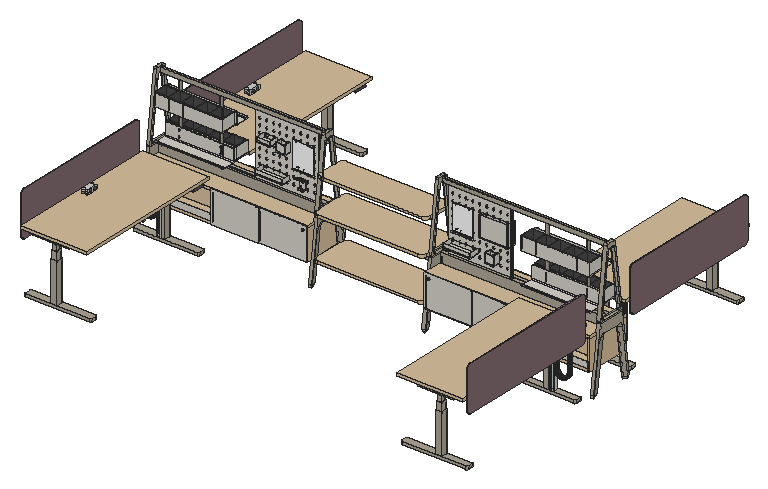
Revit family "Layout-Teknion-Expansion_Cityline_Upper_Structure_01-R2021", category Furniture Systems, Revit 2021 (continued)
Definition of nested family "Electrical-Teknion-JNHEA_Vertical_Wire_Carrier-R2021"
  Dimensions and locks (in)
    aligned and locked: curve 376 to cut or joined group 1 (Sweep 4, Sweep 5, Sweep 6, Sweep 10, Sweep 11, Sweep 12, Sweep 13, Sweep 14, Sweep 15, Sweep 16, Sweep 17, Sweep 18, Sweep 19, Sweep 20, Sweep 21, Sweep 22, Sweep 23, Sweep 24)
    aligned and locked: curve 381 to cut or joined group 1
    aligned and locked: curve 384 to cut or joined group 1
    aligned and locked: curve 389 to cut or joined group 1
    aligned and locked: curve 391 to cut or joined group 1
    aligned and locked: curve 394 to cut or joined group 1
    aligned and locked: curve 397 to cut or joined group 1
    aligned and locked: curve 399 to cut or joined group 1
    aligned and locked: curve 402 to cut or joined group 1
    aligned and locked: curve 406 to cut or joined group 1
    aligned and locked: curve 407 to cut or joined group 1
    aligned and locked: curve 410 to cut or joined group 1
    aligned and locked: curve 413 to cut or joined group 1
    aligned and locked: curve 419 to cut or joined group 1
    aligned and locked: curve 420 to cut or joined group 1
    aligned and locked: curve 424 to cut or joined group of Sweep 7, Sweep 8
    aligned and locked: curve 425 to cut or joined group of Sweep 7, Sweep 8
    aligned and locked: curve 426 to cut or joined group of Sweep 7, Sweep 8
    aligned and locked: curve 428 to cut or joined group of Sweep 7, Sweep 8
    aligned and locked: curve 429 to cut or joined group of Sweep 7, Sweep 8
    aligned and locked: curve 430 to cut or joined group 1
    aligned and locked: curve 431 to cut or joined group 1
    aligned and locked: curve 434 to cut or joined group of Sweep 7, Sweep 8
    aligned and locked: curve 435 to cut or joined group of Sweep 7, Sweep 8
    aligned and locked: curve 436 to cut or joined group 1
    aligned and locked: curve 437 to cut or joined group 1
    aligned and locked: curve 440 to cut or joined group of Sweep 7, Sweep 8
    aligned and locked: curve 441 to cut or joined group of Sweep 7, Sweep 8
    aligned and locked: curve 442 to cut or joined group of Sweep 7, Sweep 8
    aligned and locked: curve 443 to cut or joined group 1
    aligned and locked: curve 444 to cut or joined group 1
    aligned and locked: curve 445 to cut or joined group 1
    aligned and locked: curve 447 to cut or joined group 1
    aligned and locked: curve 446 to cut or joined group 1
    aligned and locked: curve 448 to cut or joined group of Sweep 7, Sweep 8
    aligned and locked: nested 1 to plane 3 "Center Left/Right"
    aligned and locked: curve 498 to plane 4 "Left"
    aligned and locked: curve 499 to plane 5 "Right"
    aligned and locked: plane 7 "Front" to curve 500
    aligned and locked: curve 501 to plane 6 "Back"
  Automatic sketch dimensions
    Sweep 4 sketch curve to Sweep 4 sketch curve = 0.00701"
    Sweep 4 sketch curve to Sweep 4 sketch curve = 0.0323"
    Sweep 5 sketch curve to Sweep 5 sketch curve = 0.37992"  (x2)
    Sweep 5 sketch curve to Sweep 5 sketch curve = 0.0268"  (x2)
    Sweep 5 sketch curve to Sweep 5 sketch curve = 0.09155"
    Sweep 5 sketch curve to Sweep 5 sketch curve = 0.17739"  (x2)
    Sweep 5 sketch curve to Sweep 5 sketch curve = 0.15607"
    Sweep 5 sketch curve to Sweep 5 sketch curve = 0.17049"
    Sweep 5 sketch curve to Sweep 5 sketch curve = 0.19009"
    Sweep 5 sketch curve to Sweep 5 sketch curve = 0.10176"
    Sweep 5 sketch curve to Sweep 5 sketch curve = 0.0059"
    Sweep 5 sketch curve to Sweep 5 sketch curve = 0.00488"
    Sweep 5 sketch curve to Sweep 5 sketch curve = 0.18659"
    Sweep 5 sketch curve to Sweep 5 sketch curve = 0.10523"
    Sweep 5 sketch curve to Sweep 5 sketch curve = 0.12421"
    Sweep 5 sketch curve to Sweep 5 sketch curve = 0.03677"
    Sweep 5 sketch curve to Sweep 5 sketch curve = 0.08245"
    Sweep 5 sketch curve to Sweep 5 sketch curve = 0.02955"
    Sweep 5 sketch curve to Sweep 5 sketch curve = 0.04639"
    Sweep 5 sketch curve to Sweep 5 sketch curve = 0.04515"
    Sweep 5 sketch curve to Sweep 5 sketch curve = 0.07966"
    Sweep 5 sketch curve to Sweep 5 sketch curve = 0.15917"
    Sweep 5 sketch curve to Sweep 5 sketch curve = 0.19315"
    Sweep 5 sketch curve to Sweep 5 sketch curve = 0.04543"
    Sweep 5 sketch curve to Sweep 5 sketch curve = 0.00602"
    Sweep 5 sketch curve to Sweep 5 sketch curve = 0.00003"
    Sweep 5 sketch curve to Sweep 5 sketch curve = 0.30116"
    Sweep 5 sketch curve to Sweep 5 sketch curve = 0.31496"
    Sweep 7 sketch curve to Sweep 7 sketch curve = 0.0012"
    Sweep 7 sketch curve to Sweep 7 sketch curve = 0.29999"
    Sweep 7 sketch curve to Sweep 7 sketch curve = 0.01602"
    Sweep 7 sketch curve to Sweep 7 sketch curve = 0.2822"
    Sweep 7 sketch curve to Sweep 7 sketch curve = 0.09394"
    Sweep 7 sketch curve to Sweep 7 sketch curve = 0.2434"
    Sweep 7 sketch curve to Sweep 7 sketch curve = 0.16695"
    Sweep 7 sketch curve to Sweep 7 sketch curve = 0.18659"
    Sweep 7 sketch curve to Sweep 7 sketch curve = 0.22761"
    Sweep 7 sketch curve to Sweep 7 sketch curve = 0.11597"
    Sweep 7 sketch curve to Sweep 7 sketch curve = 0.03677"
    Sweep 7 sketch curve to Sweep 7 sketch curve = 0.27143"
    Sweep 7 sketch curve to Sweep 7 sketch curve = 0.04515"  (x2)
    Sweep 7 sketch curve to profile plane = 0.29784"
    Sweep 7 sketch curve to profile plane = 0.05039"
    Sweep 7 sketch curve to Sweep 7 sketch curve = 0.19315"  (x2)
    Sweep 7 sketch curve to Sweep 7 sketch curve = 0.23638"
    Sweep 7 sketch curve to Sweep 7 sketch curve = 0.17049"
    Sweep 7 sketch curve to Sweep 7 sketch curve = 0.1783"
    Sweep 7 sketch curve to Sweep 7 sketch curve = 0.09727"
    Sweep 7 sketch curve to Sweep 7 sketch curve = 0.10703"
    Sweep 7 sketch curve to Sweep 7 sketch curve = 0.01685"
    Sweep 7 sketch curve to Sweep 7 sketch curve = 0.30116"
    Sweep 7 sketch curve to Sweep 7 sketch curve = 0.00358"
    curve 95 to plane 4 "Left" = 0.000"
    curve 96 to plane 5 "Right" = 0.000"
    curve 447 to plane 6 "Back" = 0.000"
    curve 205 to plane 6 "Back" = 0.000"
    curve 206 to plane 6 "Back" = 0.000"
    curve 446 to plane 6 "Back" = 0.000"
    curve 86 to curve 317 = 0.06432"
    curve 87 to curve 155 = 0.06432"
    curve 314 to curve 362 = 0.12292"
    curve 480 to curve 362 = 0.12292"
    curve 164 to curve 71 = 0.07852"
    curve 165 to curve 72 = 0.07852"
    curve 60 to curve 268 = 0.02926"
    curve 63 to curve 268 = 0.02926"
    curve 471 to curve 385 = 0.03455"
    curve 468 to curve 385 = 0.03455"
    curve 452 to curve 432 = 0.10232"
    curve 95 to curve 95 = 0.04724"
    curve 2 to curve 6 = 0.07874"
    curve 183 to curve 14 = 0.07874"
    curve 167 to curve 377 = 0.07874"
    curve 191 to curve 184 = 0.07874"
    curve 192 to curve 193 = 0.07874"
    curve 162 to curve 369 = 0.07874"
    curve 201 to curve 200 = 0.07874"
    curve 202 to curve 201 = 0.000"
    curve 209 to curve 477 = 0.07874"
    curve 481 to curve 210 = 0.07874"
    curve 210 to curve 481 = 0.000"  (x2)
    curve 213 to curve 167 = 0.000"
    curve 150 to curve 81 = 0.07874"
    curve 11 to curve 2 = 0.000"
    curve 225 to curve 2 = 0.000"
    curve 12 to curve 13 = 0.07874"
    curve 226 to curve 2 = 0.000"
    curve 477 to curve 209 = 0.000"  (x2)
    curve 227 to curve 12 = 0.000"
    curve 229 to curve 183 = 0.000"
    curve 246 to curve 24 = 0.07874"
    curve 472 to curve 213 = 0.000"  (x2)
    curve 469 to curve 51 = 0.07874"
    curve 254 to curve 213 = 0.000"
    curve 177 to curve 398 = 0.07874"
    curve 465 to curve 40 = 0.07874"
    curve 20 to curve 458 = 0.07874"
    curve 258 to curve 59 = 0.07874"
    curve 269 to curve 43 = 0.07874"
    curve 462 to curve 30 = 0.07874"
    curve 270 to curve 469 = 0.000"
    curve 22 to curve 229 = 0.000"  (x2)
    curve 278 to curve 67 = 0.07874"
    curve 285 to curve 150 = 0.000"
    curve 458 to curve 20 = 0.000"  (x2)
    curve 291 to curve 83 = 0.000"  (x2)
    curve 455 to curve 11 = 0.000"
    curve 302 to curve 455 = 0.000"
    curve 305 to curve 20 = 0.000"  (x2)
    curve 30 to curve 462 = 0.000"  (x2)
    curve 445 to curve 202 = 0.000"
    curve 444 to curve 201 = 0.000"
    curve 307 to curve 30 = 0.000"
    curve 32 to curve 246 = 0.000"
    curve 309 to curve 465 = 0.000"
    curve 311 to curve 469 = 0.000"
    curve 437 to curve 192 = 0.000"  (x2)
    curve 1 to curve 225 = 0.000"  (x2)
    curve 431 to curve 191 = 0.000"
    curve 40 to curve 309 = 0.000"  (x2)
    curve 173 to curve 311 = 0.000"
    curve 420 to curve 1 = 0.000"
    curve 419 to curve 2 = 0.000"
    curve 42 to curve 269 = 0.000"
    curve 82 to curve 291 = 0.000"
    curve 413 to curve 227 = 0.000"  (x2)
    curve 410 to curve 183 = 0.000"
    curve 46 to curve 270 = 0.000"
    curve 354 to curve 82 = 0.000"
    curve 76 to curve 285 = 0.000"
    curve 359 to curve 150 = 0.000"
    curve 407 to curve 22 = 0.000"
    curve 361 to curve 76 = 0.000"
    curve 365 to curve 278 = 0.000"
    curve 368 to curve 162 = 0.000"  (x2)
    curve 402 to curve 32 = 0.000"  (x2)
    curve 51 to curve 311 = 0.000"
    curve 373 to curve 258 = 0.000"
    curve 66 to curve 365 = 0.000"
    curve 399 to curve 177 = 0.000"
    curve 53 to curve 254 = 0.000"  (x2)
    curve 376 to curve 167 = 0.000"
    curve 381 to curve 53 = 0.000"  (x2)
    curve 384 to curve 46 = 0.000"  (x2)
    curve 391 to curve 173 = 0.000"
    curve 57 to curve 373 = 0.000"
    curve 394 to curve 42 = 0.000"  (x2)
    curve 319 to curve 205 = 0.000"
    curve 107 to curve 319 = 0.000"  (x2)
    curve 324 to curve 114 = 0.000"
    curve 103 to curve 98 = 0.21063"
    curve 125 to curve 126 = 0.000"
    curve 324 to curve 125 = 0.000"
    curve 319 to curve 206 = 0.000"
    curve 13 to curve 227 = 0.07874"
    curve 408 to curve 229 = 0.07874"
    curve 25 to curve 32 = 0.07874"
    curve 184 to curve 431 = 0.07874"
    curve 200 to curve 444 = 0.07874"
    curve 445 to curve 444 = 0.000"
    curve 306 to curve 31 = 0.07874"
    curve 8 to curve 420 = 0.07874"
    curve 41 to curve 41 = 0.07874"
    curve 419 to curve 420 = 0.000"
    curve 35 to curve 42 = 0.07874"
    curve 246 to curve 32 = 0.000"
    curve 214 to curve 214 = 0.07874"
    curve 212 to curve 212 = 0.07874"
    curve 410 to curve 229 = 0.000"
    curve 479 to curve 211 = 0.07874"
    curve 45 to curve 46 = 0.07874"
    curve 254 to curve 214 = 0.000"
    curve 454 to curve 419 = 0.000"
    curve 407 to curve 229 = 0.000"
    curve 62 to curve 258 = 0.07874"
    curve 52 to curve 46 = 0.000"
    curve 398 to curve 399 = 0.07874"
    curve 57 to curve 258 = 0.000"
    curve 21 to curve 459 = 0.07874"
    curve 202 to curve 445 = 0.000"
    curve 391 to curve 52 = 0.000"
    curve 201 to curve 444 = 0.000"
    curve 269 to curve 42 = 0.000"
    curve 21 to curve 459 = 0.000"
    curve 270 to curve 46 = 0.000"
    curve 463 to curve 31 = 0.000"
    curve 68 to curve 278 = 0.07874"
    curve 226 to curve 419 = 0.000"
    curve 376 to curve 214 = 0.000"
    curve 466 to curve 41 = 0.000"
    curve 78 to curve 285 = 0.07874"
    curve 66 to curve 278 = 0.000"
    curve 373 to curve 57 = 0.000"
    curve 369 to curve 162 = 0.07874"
    curve 470 to curve 52 = 0.000"
    curve 365 to curve 66 = 0.000"
    curve 361 to curve 285 = 0.000"
    curve 193 to curve 192 = 0.07874"
    curve 359 to curve 285 = 0.000"
    curve 191 to curve 431 = 0.000"
    curve 76 to curve 361 = 0.000"
    curve 475 to curve 214 = 0.000"  (x2)
    curve 303 to curve 454 = 0.000"
    curve 354 to curve 291 = 0.000"
    curve 304 to curve 21 = 0.000"
    curve 12 to curve 227 = 0.000"
    curve 479 to curve 211 = 0.000"  (x2)
    curve 167 to curve 376 = 0.000"
    curve 306 to curve 31 = 0.000"
    curve 9 to curve 303 = 0.000"
    curve 308 to curve 41 = 0.000"
    curve 483 to curve 212 = 0.000"
    curve 82 to curve 354 = 0.000"
    curve 183 to curve 410 = 0.000"
    curve 310 to curve 52 = 0.000"  (x2)
    curve 225 to curve 420 = 0.000"
    curve 150 to curve 359 = 0.000"
    curve 177 to curve 399 = 0.000"
    curve 173 to curve 391 = 0.000"
    curve 2 to curve 226 = 0.000"
    curve 96 to curve 96 = 0.04724"
    curve 96 to curve 94 = 0.11024"
    curve 99 to curve 94 = 0.000"
    curve 95 to curve 93 = 0.11024"
    curve 93 to curve 97 = 0.000"
    curve 107 to curve 223 = 0.00543"
    curve 494 to curve 223 = 0.000"
    curve 107 to curve 497 = 0.00543"
    curve 224 to curve 497 = 0.000"
    curve 322 to curve 133 = 0.02067"
    curve 109 to curve 496 = 0.02507"
    curve 134 to curve 496 = 0.000"
    curve 493 to curve 133 = 0.000"
    curve 123 to curve 135 = 0.02782"
    curve 118 to curve 132 = 0.02782"
    curve 495 to curve 135 = 0.000"
    curve 492 to curve 132 = 0.000"
    curve 142 to curve 338 = 0.000"
    curve 147 to curve 339 = 0.00356"
    curve 137 to curve 146 = 0.00452"
    curve 136 to curve 487 = 0.00454"
    curve 146 to curve 490 = 0.00002"
    curve 143 to curve 487 = 0.000"
    curve 138 to curve 488 = 0.01615"
    curve 139 to curve 208 = 0.01615"
    curve 491 to curve 208 = 0.000"
    curve 207 to curve 488 = 0.000"
    curve 207 to curve 486 = 0.00511"
    curve 139 to curve 489 = 0.02126"
    curve 486 to curve 144 = 0.00047"
    curve 489 to curve 145 = 0.00047"
    curve 149 to curve 352 = 0.000"
    curve 148 to curve 351 = 0.000"
    curve 76 to curve 483 = 0.10496"
    curve 76 to curve 481 = 0.10496"
    curve 212 to curve 483 = 0.000"
    curve 290 to curve 362 = 0.000"
    curve 362 to curve 289 = 0.00058"
    curve 71 to curve 209 = 0.01166"
    curve 478 to curve 211 = 0.01166"
    curve 283 to curve 370 = 0.000"
    curve 166 to curve 267 = 0.0199"
    curve 166 to curve 266 = 0.0199"
    curve 58 to curve 213 = 0.01661"
    curve 58 to curve 214 = 0.01661"
    curve 270 to curve 51 = 0.04355"
    curve 270 to curve 470 = 0.04355"
    curve 469 to curve 51 = 0.000"
    curve 311 to curve 51 = 0.000"
    curve 52 to curve 470 = 0.000"
    curve 269 to curve 42 = 0.03337"
    curve 249 to curve 467 = 0.06643"
    curve 248 to curve 464 = 0.06643"
    curve 217 to curve 467 = 0.000"
    curve 215 to curve 464 = 0.000"
    curve 215 to curve 309 = 0.02015"
    curve 465 to curve 309 = 0.000"
    curve 217 to curve 466 = 0.02015"
    curve 308 to curve 466 = 0.000"
    curve 41 to curve 308 = 0.000"
    curve 241 to curve 462 = 0.10476"
    curve 242 to curve 306 = 0.10476"
    curve 463 to curve 306 = 0.000"
    curve 307 to curve 462 = 0.000"
    curve 31 to curve 306 = 0.000"
    curve 307 to curve 216 = 0.08464"
    curve 31 to curve 218 = 0.08464"
    curve 461 to curve 216 = 0.000"
    curve 460 to curve 218 = 0.000"
    curve 411 to curve 20 = 0.08711"
    curve 230 to curve 459 = 0.08711"
    curve 304 to curve 459 = 0.000"
    curve 21 to curve 304 = 0.000"
    curve 4 to curve 457 = 0.00311"
    curve 3 to curve 456 = 0.00311"
    curve 302 to curve 11 = 0.00151"
    curve 303 to curve 9 = 0.00151"
    curve 455 to curve 302 = 0.000"
    curve 454 to curve 303 = 0.000"
    curve 451 to curve 432 = 0.10232"
    curve 220 to curve 451 = 0.000"
    curve 222 to curve 452 = 0.001"
    curve 453 to curve 197 = 0.03262"
    curve 219 to curve 196 = 0.03262"
    curve 450 to curve 219 = 0.000"
    curve 221 to curve 453 = 0.000"
    profile plane to Sweep 11 sketch curve = 0.600"
    profile plane to Sweep 11 sketch curve = 0.00002"
    Sweep 11 sketch curve to plane 3 "Center Left/Right" = 0.59252"
    plane 3 "Center Left/Right" to Sweep 11 sketch curve = 0.59252"
    Sweep 12 sketch curve to profile plane = 0.0001"
    Sweep 12 sketch curve to Sweep 12 sketch curve = 0.60236"
    Sweep 12 sketch curve to plane 3 "Center Left/Right" = 0.59252"
    plane 3 "Center Left/Right" to Sweep 12 sketch curve = 0.59252"
    Sweep 13 sketch curve to profile plane = 0.00016"
    Sweep 13 sketch curve to Sweep 13 sketch curve = 0.60236"
    Sweep 13 sketch curve to plane 3 "Center Left/Right" = 0.59252"
    plane 3 "Center Left/Right" to Sweep 13 sketch curve = 0.59252"
    Sweep 14 sketch curve to profile plane = 0.000"
    Sweep 14 sketch curve to Sweep 14 sketch curve = 0.60236"
    Sweep 14 sketch curve to plane 3 "Center Left/Right" = 0.59252"
    plane 3 "Center Left/Right" to Sweep 14 sketch curve = 0.59252"
    Sweep 15 sketch curve to profile plane = 0.000"
    Sweep 15 sketch curve to Sweep 15 sketch curve = 0.60236"
    Sweep 15 sketch curve to plane 3 "Center Left/Right" = 0.59252"
    plane 3 "Center Left/Right" to Sweep 15 sketch curve = 0.59252"
    Sweep 16 sketch curve to profile plane = 0.00027"
    Sweep 16 sketch curve to Sweep 16 sketch curve = 0.60236"
    Sweep 16 sketch curve to plane 3 "Center Left/Right" = 0.59252"
    plane 3 "Center Left/Right" to Sweep 16 sketch curve = 0.59252"
    Sweep 17 sketch curve to profile plane = 0.00027"
    Sweep 17 sketch curve to Sweep 17 sketch curve = 0.60236"
    Sweep 17 sketch curve to plane 3 "Center Left/Right" = 0.59252"
    plane 3 "Center Left/Right" to Sweep 17 sketch curve = 0.59252"
    Sweep 18 sketch curve to profile plane = 0.00025"
    Sweep 18 sketch curve to Sweep 18 sketch curve = 0.60236"
    Sweep 18 sketch curve to plane 3 "Center Left/Right" = 0.59252"
    plane 3 "Center Left/Right" to Sweep 18 sketch curve = 0.59252"
    Sweep 19 sketch curve to profile plane = 0.000"
    Sweep 19 sketch curve to profile plane = 0.60236"
    Sweep 19 sketch curve to plane 3 "Center Left/Right" = 0.59252"
    plane 3 "Center Left/Right" to Sweep 19 sketch curve = 0.59252"
    Sweep 20 sketch curve to profile plane = 0.000"
    Sweep 20 sketch curve to profile plane = 0.60236"
    Sweep 20 sketch curve to plane 3 "Center Left/Right" = 0.59252"
    plane 3 "Center Left/Right" to Sweep 20 sketch curve = 0.59252"
    Sweep 21 sketch curve to profile plane = 0.000"
    Sweep 21 sketch curve to Sweep 21 sketch curve = 0.60236"
    Sweep 21 sketch curve to plane 3 "Center Left/Right" = 0.59252"
    plane 3 "Center Left/Right" to Sweep 21 sketch curve = 0.59252"
    Sweep 22 sketch curve to profile plane = 0.000"
    Sweep 22 sketch curve to profile plane = 0.60236"
    Sweep 22 sketch curve to plane 3 "Center Left/Right" = 0.59252"
    plane 3 "Center Left/Right" to Sweep 22 sketch curve = 0.59252"
    Sweep 23 sketch curve to profile plane = 0.000"
    Sweep 23 sketch curve to Sweep 23 sketch curve = 0.60236"
    Sweep 23 sketch curve to plane 3 "Center Left/Right" = 0.59252"
    plane 3 "Center Left/Right" to Sweep 23 sketch curve = 0.59252"
    Masking region 1 sketch curve to Masking region 1 sketch curve = 0.000"
    Masking region 1 sketch curve to Masking region 1 sketch curve = 0.19175"
    plane 7 "Front" to Masking region 2 sketch curve = 0.000"
    Masking region 2 sketch curve to Masking region 2 sketch curve = 0.000"  (x2)
    plane 5 "Right" to Masking region 2 sketch curve = 0.04724"
    Masking region 2 sketch curve to Masking region 2 sketch curve = 0.11105"
    Masking region 2 sketch curve to Masking region 2 sketch curve = 0.10403"
    Masking region 2 sketch curve to Masking region 2 sketch curve = 0.10424"
    Masking region 2 sketch curve to Masking region 2 sketch curve = 0.17093"
    Masking region 2 sketch curve to Masking region 2 sketch curve = 0.10309"
    Masking region 2 sketch curve to Masking region 2 sketch curve = 0.10289"
    Masking region 2 sketch curve to Masking region 2 sketch curve = 0.11072"
    Masking region 2 sketch curve to Masking region 2 sketch curve = 0.31137"
    Masking region 2 sketch curve to Masking region 2 sketch curve = 0.15381"
    Masking region 2 sketch curve to Masking region 2 sketch curve = 0.04726"
    curve 296 to curve 153 = 0.0447"
    curve 483 to curve 314 = 0.09809"
    curve 60 to curve 168 = 0.0293"
    curve 168 to curve 263 = 0.0124"
    curve 471 to curve 45 = 0.03912"
    curve 45 to curve 274 = 0.00003"
    curve 35 to curve 250 = 0.0001"
    curve 24 to curve 241 = 0.00013"
    curve 16 to curve 230 = 0.00013"
    curve 452 to curve 195 = 0.11376"
    curve 324 to curve 114 = 0.00094"
    curve 326 to curve 124 = 0.00442"
    curve 327 to curve 115 = 0.00002"
    curve 330 to curve 123 = 0.0403"
    curve 331 to curve 118 = 0.01487"
    curve 336 to curve 122 = 0.0447"
    curve 337 to curve 122 = 0.00013"
    curve 147 to curve 137 = 0.0045"
    curve 340 to curve 136 = 0.000"
    curve 341 to curve 139 = 0.00442"
    curve 342 to curve 138 = 0.00002"
    curve 348 to curve 149 = 0.0403"
    curve 349 to curve 149 = 0.01487"
    curve 356 to curve 295 = 0.000"
    curve 357 to curve 153 = 0.00013"
    curve 153 to curve 358 = 0.00459"
    curve 364 to curve 158 = 0.00014"
    curve 367 to curve 165 = 0.07189"
    curve 284 to curve 367 = 0.000"
    curve 369 to curve 164 = 0.0001"
    curve 282 to curve 161 = 0.07189"
    curve 372 to curve 160 = 0.0001"
    curve 375 to curve 267 = 0.00814"
    curve 265 to curve 375 = 0.000"
    curve 377 to curve 171 = 0.00004"
    curve 378 to curve 263 = 0.000"
    curve 380 to curve 170 = 0.00004"
    curve 383 to curve 111 = 0.03899"
    curve 388 to curve 276 = 0.000"
    curve 174 to curve 390 = 0.00003"
    curve 174 to curve 277 = 0.00003"
    curve 49 to curve 393 = 0.03042"
    curve 395 to curve 248 = 0.000"
    curve 396 to curve 179 = 0.07257"
    curve 179 to curve 398 = 0.0001"
    curve 178 to curve 253 = 0.0001"
    curve 39 to curve 401 = 0.04892"
    curve 403 to curve 241 = 0.000"
    curve 404 to curve 27 = 0.04367"
    curve 181 to curve 408 = 0.00013"
    curve 181 to curve 409 = 0.04576"
    curve 411 to curve 230 = 0.000"
    curve 414 to curve 3 = 0.01144"
    curve 456 to curve 417 = 0.01296"
    curve 421 to curve 185 = 0.02591"
    curve 422 to curve 186 = 0.00698"
    curve 185 to curve 423 = 0.00002"
    curve 188 to curve 427 = 0.00013"
    curve 195 to curve 433 = 0.01607"
    curve 438 to curve 197 = 0.00936"
    curve 439 to curve 196 = 0.00236"
  Nested families (in)
    nested 1: "Teknion_2D_Node_Family-R2016" at (0, 0, 0), type "Teknion_2D_Node_Family-R2016"
  Definition of nested family "Teknion_2D_Node_Family-R2016"
    Reference planes (in)
      plane 1 "Center (Front/Back)": y = 0
      plane 2: z = 0
      plane 3 "Center (Left/Right)": x = 0
    Lines and regions (in)
      detail lines, in view "Ref. Level"
        curve 1: circle (0, 0, 0) r 1.25 normal (0, 0, 1)
        curve 2: line (1.91508, -1.91508, 0) -> (-1.91508, 1.91508, 0)
        curve 3: line (-1.91508, -1.91508, 0) -> (1.91508, 1.91508, 0)
Definition of nested family "Desk_Structures-Teknion-JZSFS_EZ_Fence_Leg-R2021"
  Parameters (values of type "In-Line")
    Warranty = "http://www.teknion.com/ca/papers/legal-canada"
    Unit Weight URL = "http://www.teknion.com/ca/tools/assets#&asset=bee6a381-b954-425e-8283-5a2de3a804f2,f828d448-4b62-4231-9e5f-9a8991c0ed77"
    URL = "www.teknion.com"
    With Top Cover [instance] = not(No Top Cover)  # yes
    Top Option [instance] = "Select Top Option. Has Top Cover is default."  # constant formula
    To render please download texture images found here [instance] = "https://assets.teknion.com/web/5e81352c1dfdb467/revit-material-swatches/"
    Sustainability Data = "https://www.teknion.com/ca/tools/assets#&topic=216f99a5-57a0-44fc-b10a-9dee9b29ae4c&asset=444deb64-fe58-4b68-981e-f75e97781df7,b4ff2d81-9f2e-437d-9659-7cffb09c31cf"
    Series = "Expansion Cityline"  # constant formula
    Product Page URL = "https://www.teknion.com/products/product-details?productLineId=9ad2a26e-8e7a-673b-a6c8-ff05004460c4"
    Product Line = "EZ Fence Structure"  # constant formula
    Product Documentation Link = "https://www.teknion.com/pricing/expansion-cityline/pdfs/JZSFS_ppg.pdf"
    Part Number = "JZSFS"  # constant formula
    No Top Cover [instance] = no
    Model = "JZSFSA20I_"
    Manufacturer Phone = "416-661-3370"  # constant formula
    Manufacturer Fax = "416.661.4586"  # constant formula
    Manufacturer Contact Information = "http://www.teknion.com/ca/contactus"
    Manufacturer Address = "1150 Flint Road, Toronto, ON. M3J 2J5. Canada"  # constant formula
    Manufacturer = "Teknion"  # constant formula
    In-Line = yes
    How To Use Teknion Materials User Guide [instance] = "https://assets.teknion.com/m/205dd0a49fa58060/original/How-to-add-a-Material-Library-and-Texture-Images-to-your-Revit-project.pdf"
    Frame Finish [instance] = none
    For Additional Finishes please visit [instance] = "https://assets.teknion.com/m/44a8009b046e5d47/original/Teknion_Materials_Library.zip"
    End = no
    Description = "EZ Fence Leg - Angled Support Style, 20\" Depth, In-Line Configuration"
    Default Elevation = 0.000"
    Cut-Out - In-Line = if(([In-Line]), 8.000", 0.200")  # 8.000"
    Cut-Out - End = if(End, 8.000", 0.200")  # 0.200"
    Configuration = ""
    Assembly Code = "E2020200"
    2D - In-Line with Top Cover [instance] = and([In-Line], With Top Cover)  # yes
    2D - In-Line w/o Top Cover [instance] = and([In-Line], No Top Cover)  # no
    2D - End with Top Cover [instance] = and(End, With Top Cover)  # no
    2D - End w/o Top Cover [instance] = and(End, No Top Cover)  # no
  Types (3): name | Model | In-Line | End | Description | Cut-Out - In-Line | Cut-Out - End | 2D - In-Line with Top Cover | 2D - End with Top Cover
    (no name) | "JZSFSA20I_" | yes | no | "EZ Fence Leg - Angled Support Style, 20\" Depth, In-Line Configuration" | 8.000" | 0.200" | yes | no
    End | "JZSFSA20E_" | no | yes | "EZ Fence Leg - Angled Support Style, 20\" Depth, End Configuration" | 0.200" | 8.000" | no | yes
    In-Line | "JZSFSA20I_" | yes | no | "EZ Fence Leg - Angled Support Style, 20\" Depth, In-Line Configuration" | 8.000" | 0.200" | yes | no
  Reference planes (in)
    plane 1 "Center Front/Back": y = 0
    plane 2: z = 0
    plane 3 "Center Left/Right": x = 0.82874
    plane 4 "Left": x = -2.32087
    plane 5 "Right": x = 3.97835
    plane 6 "Back": y = 9.40761
    plane 7 "Front": y = -9.40761
    plane 8 "Top": z = 27.69291
    plane 9: x = 0.07874
    plane 10: x = 1.57874
    plane 11: z = 28.18504
  Forms (in)
    Sweep 1, solid, material <- "Frame Finish"
      path origin (0, 0, 0) x (1, 0, 0) y (0, 1, 0)
        loop
          line (1.57874, 0) -> (0.07874, 0)
      profile origin (0.82874, 0, 0) x (0, -1, 0) y (0, 0, 1)
        loop
          line (5.89342, 27.69291) -> (-5.89342, 27.69291) -> (-9.40761, 1) -> (-6.88604, 1) -> (-4.11278, 22.06496)
          arc (-4.11278, 22.06496) -> (-3.82632, 22.6009) -> (-3.25757, 22.81496) r 0.86259
          line (-3.25757, 22.81496) -> (3.25757, 22.81496)
          arc (3.25757, 22.81496) -> (3.82632, 22.6009) -> (4.11278, 22.06496) r 0.86259
          line (4.11278, 22.06496) -> (6.88604, 1) -> (9.40761, 1) -> (5.89342, 27.69291)
    SweptBlend 2, void
      path origin (0, 0, 0) x (1, 0, 0) y (0, 1, 0)
        loop
          line (1.57874, 0) -> (0.9603, 0)
      profile origin (1.57874, 0, 0) x (0, -1, 0) y (0, 0, 1)
        loop
          arc (6.16036, 21.83465) -> (5.58743, 22.90652) -> (4.44994, 23.33465) r 1.72518
          line (4.44994, 23.33465) -> (-4.44994, 23.33465)
          arc (-4.44994, 23.33465) -> (-5.58743, 22.90652) -> (-6.16036, 21.83465) r 1.72518
          line (-6.16036, 21.83465) -> (-8.90329, 1) -> (8.90329, 1) -> (6.16036, 21.83465)
      end profile origin (0.9603, 0, 0) x (0, -1, 0) y (0, 0, 1)
        loop
          arc (4.11278, 22.06496) -> (3.82632, 22.6009) -> (3.25757, 22.81496) r 0.86259
          line (3.25757, 22.81496) -> (-3.25757, 22.81496)
          arc (-3.25757, 22.81496) -> (-3.82632, 22.6009) -> (-4.11278, 22.06496) r 0.86259
          line (-4.11278, 22.06496) -> (-6.88604, 1) -> (6.88604, 1) -> (4.11278, 22.06496)
    SweptBlend 3, void
      path origin (0, 0, 0) x (1, 0, 0) y (0, 1, 0)
        loop
          line (0.07874, 0) -> (0.69718, 0)
      profile origin (0.07874, 0, 0) x (0, 1, 0) y (0, 0, 1)
        loop
          arc (6.16036, 21.83465) -> (5.58743, 22.90652) -> (4.44994, 23.33465) r 1.72518
          line (4.44994, 23.33465) -> (-4.44994, 23.33465)
          arc (-4.44994, 23.33465) -> (-5.58743, 22.90652) -> (-6.16036, 21.83465) r 1.72518
          line (-6.16036, 21.83465) -> (-8.90329, 1) -> (8.90329, 1) -> (6.16036, 21.83465)
      end profile origin (0.69718, 0, 0) x (0, 1, 0) y (0, 0, 1)
        loop
          line (-6.88604, 1) -> (6.88604, 1) -> (4.11278, 22.06496)
          arc (4.11278, 22.06496) -> (3.82632, 22.6009) -> (3.25757, 22.81496) r 0.86259
          line (3.25757, 22.81496) -> (-3.25757, 22.81496)
          arc (-3.25757, 22.81496) -> (-3.82632, 22.6009) -> (-4.11278, 22.06496) r 0.86259
          line (-4.11278, 22.06496) -> (-6.88604, 1)
    Sweep 4, solid, material <- "Frame Finish"
      path origin (0.82874, 0, 0) x (0, 1, 0) y (0, 0, 1)
        loop
          line (-7.53116, -1.48717) -> (-7.00905, 2.47861)
      profile origin (0.82874, -7.2701, 0.49572) x (0, -0.991445, 0.130526) y (1, 0, 0)
        loop
          line (0, -0.01579) -> (1.8134, -0.59252) -> (2.04724, -0.59252) -> (2.04724, 0.59252) -> (1.8134, 0.59252) -> (0, 0.01579) -> (0, -0.01579)
    Sweep 5, solid, material <- "Frame Finish"
      path origin (0.82874, 0, 0) x (0, 1, 0) y (0, 0, 1)
        loop
          line (7.53116, -1.48717) -> (7.00905, 2.47861)
      profile origin (0.82874, 7.2701, 0.49572) x (0, -0.991445, -0.130526) y (1, 0, 0)
        loop
          line (-1.8134, 0.59252) -> (-2.04724, 0.59252) -> (-2.04724, -0.59252) -> (-1.8134, -0.59252) -> (0, -0.01579) -> (0, 0.01579) -> (-1.8134, 0.59252)
    Sweep 6, void
      path origin (0.82874, 0, 0) x (0, 1, 0) y (0, 0, 1)
        loop
          line (-10.5, 0) -> (10.5, 0)
      profile origin (0.82874, 0, 0) x (0, 0, 1) y (1, 0, 0)
        loop
          line (3, -3.14961) -> (3, 3.14961) -> (1, 3.14961) -> (1, -3.14961) -> (3, -3.14961)
        loop
          line (0, -3.14961) -> (0, 3.14961) -> (-2, 3.14961) -> (-2, -3.14961) -> (0, -3.14961)
    Sweep 7, void
      path origin (0.82874, 0, 0) x (0, 1, 0) y (0, 0, 1)
        loop
          line (0, 22.19291) -> (0, 30.19291)
      profile origin (0.82874, 0, 26.19291) x (0, -1, 0) y (1, 0, 0)
        loop
          line (-1.51575, -0.75) -> (1.51575, -0.75) -> (1.51575, 0.75) -> (-1.51575, 0.75) -> (-1.51575, -0.75)
    Sweep 8, void
      path origin (0.82874, 0, 0) x (0, 1, 0) y (0, 0, 1)
        loop
          line (0, 31.46929) -> (0, 31.66929)
      profile origin (0.82874, 0, 31.56929) x (0, -1, 0) y (1, 0, 0)
        loop
          line (-1.51575, -0.63189) -> (1.51575, -0.63189) -> (1.51575, 0.75) -> (-1.51575, 0.75) -> (-1.51575, -0.63189)
    Sweep 9, solid, material <- "Frame Finish", visible <- "End"
      path origin (0, 0, 0) x (1, 0, 0) y (0, 1, 0)
        loop
          line (0.82874, 1.51575) -> (0.82874, -1.51575)
      profile origin (0.82874, 0, 0) x (1, 0, 0) y (0, 0, 1)
        loop
          line (2.51772, 27.25197) -> (-0.63189, 27.25197) -> (-0.63189, 23.66929) -> (2.51772, 23.66929) -> (2.51772, 23.7874) -> (-0.51378, 23.7874) -> (-0.51378, 27.14173) -> (2.51772, 27.14173) -> (2.51772, 27.25197)
    Sweep 10, solid, material <- "Frame Finish", visible <- "In-Line"
      path origin (0, 0, 0) x (1, 0, 0) y (0, 1, 0)
        loop
          line (3.97835, 0) -> (-2.32087, 0)
      profile origin (0.82874, 0, 0) x (0, -1, 0) y (0, 0, 1)
        loop
          line (1.51575, 27.25984) -> (-1.51575, 27.25984) -> (-1.51575, 23.66929) -> (1.51575, 23.66929) -> (1.51575, 27.25984)
        loop
          line (1.39764, 23.7874) -> (1.39764, 27.14173) -> (-1.39764, 27.14173) -> (-1.39764, 23.7874) -> (1.39764, 23.7874)
    Sweep 11, void
      path origin (0, 0, 0) x (1, 0, 0) y (0, 1, 0)
        loop
          line (0.82874, -2.5) -> (0.82874, 2.5)
      profile origin (0.82874, 0, 0) x (-1, 0, 0) y (0, 0, 1)
        loop
          line (1.5748, 27.14173) -> (1.5748, 23.7874) -> (3.14961, 23.7874) -> (3.14961, 27.14173) -> (1.5748, 27.14173)
        loop
          line (-1.5748, 27.14173) -> (-3.14961, 27.14173) -> (-3.14961, 23.7874) -> (-1.5748, 23.7874) -> (-1.5748, 27.14173)
    Sweep 12, solid, material <- "Frame Finish", visible <- "With Top Cover"
      path origin (0.82874, 0, 0) x (0, 1, 0) y (0, 0, 1)
        loop
          line (0, 27.69291) -> (0, 27.81102)
      profile origin (0.82874, 0, 27.75197) x (0, -1, 0) y (1, 0, 0)
        loop
          line (-5.76958, 0.69094) -> (-5.76958, -0.69094) -> (5.76958, -0.69094) -> (5.76958, 0.69094) -> (-5.76958, 0.69094)
    SweptBlend 13, solid, material <- "Frame Finish", visible <- "With Top Cover"
      path origin (0.82874, 0, 0) x (0, 1, 0) y (0, 0, 1)
        loop
          line (0, 27.81102) -> (0, 28.18504)
      profile origin (0.82874, 0, 27.81102) x (0, -1, 0) y (1, 0, 0)
        loop
          line (5.87787, 0.75) -> (-5.87787, 0.75) -> (-5.87787, -0.75) -> (5.87787, -0.75) -> (5.87787, 0.75)
      end profile origin (0.82874, 0, 28.18504) x (0, -1, 0) y (1, 0, 0)
        loop
          line (-5.82863, -0.75) -> (5.82863, -0.75) -> (5.82863, 0.75) -> (-5.82863, 0.75) -> (-5.82863, -0.75)
  Cuts and joins
    SweptBlend 2, SweptBlend 3, Sweep 7, Sweep 8 cuts Sweep 1
    Sweep 6 cuts Sweep 4
    Sweep 6 cuts Sweep 5
    joined: Sweep 1, Sweep 4, Sweep 5
    Sweep 11 cuts Sweep 10
    joined: Sweep 12, SweptBlend 13
  Lines and regions (in)
    Masking region 1, visible <- "In-Line"
      outline origin (0, 0, 0) x (1, 0, 0) y (0, 1, 0)
        loop
          line (3.97835, 1.51575) -> (1.57874, 1.51575) -> (1.57874, 9.40761) -> (0.07874, 9.40761) -> (0.07874, 1.51575) -> (-2.32087, 1.51575) -> (-2.32087, -1.51575) -> (0.07874, -1.51575) -> (0.07874, -9.40761) -> (1.57874, -9.40761) -> (1.57874, -1.51575) -> (3.97835, -1.51575) -> (3.97835, 1.51575)
    Masking region 2, visible <- "End"
      outline origin (0, 0, 0) x (1, 0, 0) y (0, 1, 0)
        loop
          line (0.07874, 9.40761) -> (0.07874, -9.40761) -> (1.57874, -9.40761) -> (1.57874, -1.51575) -> (3.34646, -1.51575) -> (3.34646, 1.51575) -> (1.57874, 1.51575) -> (1.57874, 9.40761) -> (0.07874, 9.40761)
    symbolic lines, visible <- "2D - In-Line w/o Top Cover"
      curve 1: line (3.97835, 1.51575, 0) -> (-2.32087, 1.51575, 0)
      curve 2: line (-2.32087, -1.51575, 0) -> (3.97835, -1.51575, 0)
    symbolic lines
      curve 3: line (0.07874, -5.89342, 0) -> (1.57874, -5.89342, 0)
      curve 4: line (0.07874, 5.89342, 0) -> (1.57874, 5.89342, 0)
    symbolic lines, visible <- "In-Line", detail levels medium+fine
      curve 5: line (2.40354, 1.51575, 0) -> (2.40354, 1.39764, 0)
      curve 6: line (-0.74606, 1.39764, 0) -> (2.40354, 1.39764, 0)
      curve 7: line (-0.74606, 1.39764, 0) -> (-0.74606, 1.51575, 0)
      curve 8: line (2.40354, -1.39764, 0) -> (-0.74606, -1.39764, 0)
      curve 9: line (-0.74606, -1.51575, 0) -> (-0.74606, -1.39764, 0)
      curve 10: line (2.40354, -1.39764, 0) -> (2.40354, -1.51575, 0)
    symbolic lines, detail levels medium+fine
      curve 11: line (0.23622, -9.40028, 0) -> (1.42126, -9.40028, 0)
      curve 12: line (1.42126, -9.26862, 0) -> (0.23622, -9.26862, 0)
      curve 13: line (0.81295, -7.20372, 0) -> (0.84453, -7.20372, 0)
      curve 14: line (0.84453, -7.33537, 0) -> (0.81295, -7.33537, 0)
      curve 15: line (0.81295, -7.20372, 0) -> (0.81295, -7.33537, 0)
      curve 16: line (0.84453, -7.20372, 0) -> (0.84453, -7.33537, 0)
      curve 17: line (0.84453, -7.20372, 0) -> (1.42126, -9.03276, 0)
      curve 18: line (1.42126, -9.16442, 0) -> (0.84453, -7.33537, 0)
      curve 19: line (0.81295, -7.33537, 0) -> (0.23622, -9.16442, 0)
      curve 20: line (0.23622, -9.03276, 0) -> (0.81295, -7.20372, 0)
      curve 21: line (0.23622, -9.03276, 0) -> (0.23622, -9.40028, 0)
      curve 22: line (1.42126, -9.40028, 0) -> (1.42126, -9.03276, 0)
      curve 23: line (0.69718, -6.88604, 0) -> (0.9603, -6.88604, 0)
      curve 24: line (0.07874, -8.90329, 0) -> (0.69718, -6.88604, 0)
      curve 25: line (0.9603, -6.88604, 0) -> (1.57874, -8.90329, 0)
      curve 26: line (0.9603, -1.51575, 0) -> (0.9603, -6.88604, 0)
      curve 27: line (0.69718, -1.51575, 0) -> (0.69718, -6.88604, 0)
      curve 28: line (1.42126, 9.40028, 0) -> (0.23622, 9.40028, 0)
      curve 29: line (0.23622, 9.40028, 0) -> (0.23622, 9.03276, 0)
      curve 30: line (0.23622, 9.26862, 0) -> (1.42126, 9.26862, 0)
      curve 31: line (1.42126, 9.03276, 0) -> (1.42126, 9.40028, 0)
      curve 32: line (0.81295, 7.20372, 0) -> (0.81295, 7.33537, 0)
      curve 33: line (0.84453, 7.20372, 0) -> (0.84453, 7.33537, 0)
      curve 34: line (0.81295, 7.33537, 0) -> (0.84453, 7.33537, 0)
      curve 35: line (0.84453, 7.20372, 0) -> (0.81295, 7.20372, 0)
      curve 36: line (1.42126, 9.03276, 0) -> (0.84453, 7.20372, 0)
      curve 37: line (0.84453, 7.33537, 0) -> (1.42126, 9.16442, 0)
      curve 38: line (0.23622, 9.16442, 0) -> (0.81295, 7.33537, 0)
      curve 39: line (0.81295, 7.20372, 0) -> (0.23622, 9.03276, 0)
      curve 40: line (0.69718, 6.88604, 0) -> (0.07874, 8.90329, 0)
      curve 41: line (1.57874, 8.90329, 0) -> (0.9603, 6.88604, 0)
      curve 42: line (0.69718, 6.88604, 0) -> (0.9603, 6.88604, 0)
      curve 43: line (0.9603, 6.88604, 0) -> (0.9603, 1.51575, 0)
      curve 44: line (0.69718, 6.88604, 0) -> (0.69718, 1.51575, 0)
    symbolic lines, visible <- "2D - End w/o Top Cover"
      curve 45: line (0.19685, 1.51575, 0) -> (3.34646, 1.51575, 0)
      curve 46: line (0.19685, -1.51575, 0) -> (3.34646, -1.51575, 0)
      curve 47: line (0.19685, 1.51575, 0) -> (0.19685, -1.51575, 0)
    symbolic lines, visible <- "End", detail levels medium+fine
      curve 48: line (0.31496, -1.51575, 0) -> (0.31496, 1.51575, 0)
      curve 49: line (0.69718, 1.51575, 0) -> (0.69718, -1.51575, 0)
      curve 50: line (0.9603, 1.51575, 0) -> (0.9603, -1.51575, 0)
    symbolic lines, visible <- "With Top Cover"
      curve 51: line (1.57874, 5.82863, 0) -> (0.07874, 5.82863, 0)
      curve 52: line (0.07874, 5.87787, 0) -> (1.57874, 5.87787, 0)
      curve 53: line (0.07874, -5.82863, 0) -> (1.57874, -5.82863, 0)
      curve 54: line (1.57874, -5.87787, 0) -> (0.07874, -5.87787, 0)
      curve 70: line (1.57874, 9.40761, 0) -> (1.57874, -9.40761, 0)
      curve 71: line (0.07874, 9.40761, 0) -> (0.07874, -9.40761, 0)
    symbolic lines, visible <- "With Top Cover", detail levels medium+fine
      curve 55: line (0.1378, -5.76958, 0) -> (1.51969, -5.76958, 0)
      curve 56: line (1.51969, -5.76958, 0) -> (1.51969, 5.76958, 0)
      curve 57: line (0.1378, 5.76958, 0) -> (0.1378, -5.76958, 0)
      curve 58: line (1.51969, 5.76958, 0) -> (0.1378, 5.76958, 0)
    symbolic lines, visible <- "2D - End with Top Cover", detail levels medium+fine
      curve 59: line (3.34646, 1.51575, 0) -> (0.19685, 1.51575, 0)
      curve 60: line (0.19685, 1.51575, 0) -> (0.19685, -1.51575, 0)
      curve 61: line (0.19685, -1.51575, 0) -> (3.34646, -1.51575, 0)
    symbolic lines, visible <- "2D - In-Line with Top Cover", detail levels medium+fine
      curve 62: line (3.97835, 1.51575, 0) -> (-2.32087, 1.51575, 0)
      curve 63: line (-2.32087, -1.51575, 0) -> (3.97835, -1.51575, 0)
    reference lines
      curve 64: line (-2.32087, 9.40761, 0) -> (3.97835, 9.40761, 0)
      curve 65: line (-2.32087, 9.40761, 0) -> (-2.32087, -9.40761, 0)
      curve 66: line (-2.32087, -9.40761, 0) -> (3.97835, -9.40761, 0)
      curve 67: line (3.97835, 9.40761, 0) -> (3.97835, -9.40761, 0)
      curve 68: line (1.57874, 9.40761, 0) -> (1.57874, -9.40761, 0)
      curve 69: line (0.07874, 9.40761, 0) -> (0.07874, -9.40761, 0)
    symbolic lines, visible <- "2D - End w/o Top Cover", detail levels medium+fine
      curve 72: line (1.57874, 9.40761, 0) -> (1.57874, -9.40761, 0)
    symbolic lines, visible <- "2D - In-Line w/o Top Cover", detail levels medium+fine
      curve 73: line (0.07874, 9.40761, 0) -> (0.07874, -9.40761, 0)
      curve 74: line (1.57874, 9.40761, 0) -> (1.57874, -9.40761, 0)
  Dimensions and locks (in)
    plane 4 "Left" to plane 5 "Right" = 6.29921"
    plane 6 "Back" to plane 7 "Front" = 18.81522"
    locked: plane 8 "Top" to level at 27.69291
    equal spacing: plane 6 "Back", plane 1 "Center Front/Back", plane 7 "Front"
    equal spacing: plane 4 "Left", plane 3 "Center Left/Right", plane 5 "Right"
    plane 9 to plane 3 "Center Left/Right" to plane 10 = 0.750" locked, 0.750" locked
    Sweep 1 sketch curve to Sweep 1 sketch curve to Sweep 1 sketch curve to plane 2 = 0.86259" locked, 20.95237" locked, 1.000" locked
    locked: Sweep 1 sketch curve to plane 2 at 21.95237
    Sweep 1 sketch curve to plane 1 "Center Front/Back" to Sweep 1 sketch curve = 5.89342" locked, 5.89342" locked
    Sweep 1 sketch curve to plane 1 "Center Front/Back" to Sweep 1 sketch curve = 3.25757" locked, 3.25757" locked
    locked: Sweep 1 sketch curve to Sweep 1 sketch curve at 2.5  (x2)
    locked: SweptBlend 2 sketch curve to plane 10 at 0.61844
    SweptBlend 2 sketch curve to SweptBlend 2 sketch curve to plane 1 "Center Front/Back" to SweptBlend 2 sketch curve to SweptBlend 2 sketch curve = 1.71042" locked, 4.44994", 4.44994", 1.71042" locked
    plane 8 "Top" to SweptBlend 2 sketch curve to SweptBlend 2 sketch curve = 4.35827" locked, 1.72518"
    plane 8 "Top" to SweptBlend 2 sketch curve = 6.08345"
    SweptBlend 2 sketch curve to plane 1 "Center Front/Back" to SweptBlend 2 sketch curve = 8.90329" locked, 8.90329" locked
    locked: SweptBlend 2 sketch curve to plane 2 at 1  (x2)
    SweptBlend 2 sketch curve to SweptBlend 2 sketch curve to plane 1 "Center Front/Back" to SweptBlend 2 sketch curve to SweptBlend 2 sketch curve = 0.85521" locked, 3.25757" locked, 3.25757" locked, 0.85521" locked
    plane 8 "Top" to SweptBlend 2 sketch curve to SweptBlend 2 sketch curve = 4.87795" locked, 0.86259" locked
    locked: plane 8 "Top" to SweptBlend 2 sketch curve at 5.74054
    locked: plane 9 to SweptBlend 3 sketch curve at 0.61844
    SweptBlend 3 sketch curve to SweptBlend 3 sketch curve to plane 1 "Center Front/Back" to SweptBlend 3 sketch curve to SweptBlend 3 sketch curve = 1.71042" locked, 4.44994" locked, 4.44994" locked, 1.71042" locked
    SweptBlend 3 sketch curve to plane 1 "Center Front/Back" to SweptBlend 3 sketch curve = 8.90329" locked, 8.90329" locked
    locked: SweptBlend 3 sketch curve to plane 2 at 1  (x2)
    locked: SweptBlend 3 sketch curve to plane 8 "Top" at 4.35827
    SweptBlend 3 sketch curve to SweptBlend 3 sketch curve to plane 1 "Center Front/Back" to SweptBlend 3 sketch curve to SweptBlend 3 sketch curve = 0.85521" locked, 3.25757" locked, 3.25757" locked, 0.85521" locked
    plane 8 "Top" to SweptBlend 3 sketch curve to SweptBlend 3 sketch curve = 4.87795" locked, 0.86259" locked
    locked: plane 8 "Top" to SweptBlend 3 sketch curve at 5.74054
    Sweep 4 sketch curve to plane 2 to Sweep 4 sketch curve = 2.47861" locked, 1.48717" locked
    locked: plane 7 "Front" to Sweep 4 sketch curve at 2.39856
    Sweep 4 sketch curve to plane 3 "Center Left/Right" to Sweep 4 sketch curve = 0.59252" locked, 0.59252" locked
    plane 7 "Front" to Sweep 4 sketch curve to Sweep 4 sketch curve to Sweep 4 sketch curve to Sweep 4 sketch curve = 0.10777" locked, 0.23184" locked, 0.000" locked, 1.79789" locked
    Sweep 5 sketch curve to plane 2 to Sweep 5 sketch curve = 2.47861" locked, 1.48717" locked
    locked: Sweep 5 sketch curve to plane 6 "Back" at 2.39856
    plane 6 "Back" to Sweep 5 sketch curve to Sweep 5 sketch curve to Sweep 5 sketch curve to Sweep 5 sketch curve = 0.10777" locked, 0.23184" locked, 0.000" locked, 1.79789" locked
    Sweep 5 sketch curve to plane 3 "Center Left/Right" to Sweep 5 sketch curve = 0.59252" locked, 0.59252" locked
    Sweep 6 sketch curve to plane 1 "Center Front/Back" to Sweep 6 sketch curve = 10.500" locked, 10.500" locked
    Sweep 6 sketch curve to Sweep 6 sketch curve to plane 2 = 2.000" locked, 1.000" locked
    locked: plane 2 to Sweep 6 sketch curve at 2
    "Cut-Out - In-Line": Sweep 7 sketch curve to Sweep 7 sketch curve
    locked: Sweep 7 sketch curve to plane 8 "Top" at 2.5
    Sweep 7 sketch curve to plane 1 "Center Front/Back" to Sweep 7 sketch curve = 1.51575" locked, 1.51575" locked
    locked: Sweep 8 sketch curve to plane 8 "Top" at 3.97638
    "Cut-Out - End": Sweep 8 sketch curve to Sweep 8 sketch curve
    locked: Sweep 8 sketch curve to plane 3 "Center Left/Right" at 0.63189
    Sweep 8 sketch curve to plane 1 "Center Front/Back" to Sweep 8 sketch curve = 1.51575" locked, 1.51575" locked
    Sweep 9 sketch curve to plane 1 "Center Front/Back" to Sweep 9 sketch curve = 1.51575" locked, 1.51575" locked
    Sweep 9 sketch curve to plane 3 "Center Left/Right" to Sweep 9 sketch curve to Sweep 9 sketch curve = 2.51772" locked, 0.51378" locked, 0.11811" locked
    locked: Sweep 9 sketch curve to plane 3 "Center Left/Right" at 2.51772
    plane 8 "Top" to Sweep 9 sketch curve to Sweep 9 sketch curve to Sweep 9 sketch curve to Sweep 9 sketch curve = 0.44094" locked, 0.11024" locked, 3.35433" locked, 0.11811" locked
    plane 8 "Top" to Sweep 10 sketch curve to Sweep 10 sketch curve to Sweep 10 sketch curve to Sweep 10 sketch curve = 0.43307" locked, 0.11811" locked, 3.35433" locked, 0.11811" locked
    Sweep 10 sketch curve to Sweep 10 sketch curve to plane 1 "Center Front/Back" to Sweep 10 sketch curve to Sweep 10 sketch curve = 0.11811" locked, 1.39764" locked, 1.39764" locked, 0.11811" locked
    Sweep 11 sketch curve to plane 1 "Center Front/Back" to Sweep 11 sketch curve = 2.500" locked, 2.500" locked
    plane 8 "Top" to Sweep 11 sketch curve to Sweep 11 sketch curve = 0.55118" locked, 3.35433" locked
    Sweep 11 sketch curve to plane 3 "Center Left/Right" to Sweep 11 sketch curve = 1.5748" locked, 1.5748" locked
    locked: Sweep 12 sketch curve to plane 8 "Top" at 0.11811
    Sweep 12 sketch curve to plane 1 "Center Front/Back" to Sweep 12 sketch curve = 5.76958" locked, 5.76958" locked
    Sweep 12 sketch curve to plane 3 "Center Left/Right" to Sweep 12 sketch curve = 0.69094" locked, 0.69094" locked
    SweptBlend 13 sketch curve to plane 1 "Center Front/Back" to SweptBlend 13 sketch curve = 5.87787" locked, 5.87787" locked
    SweptBlend 13 sketch curve to plane 1 "Center Front/Back" to SweptBlend 13 sketch curve = 5.82863" locked, 5.82863" locked
    locked: plane 11 to plane 8 "Top" at 0.49213
    locked: SweptBlend 13 sketch curve to plane 8 "Top" at 0.11811
    locked: plane 10 to nested 2 at 0.07874
    locked: nested 4 to plane 9 at 0.07874
    locked: Sweep 1 sketch curve to plane 7 "Front" (angle 7.50°)
    locked: plane 6 "Back" to Sweep 1 sketch curve (angle 7.50°)
    locked: Sweep 4 sketch curve to plane 7 "Front" (angle 7.50°)
    locked: plane 6 "Back" to Sweep 5 sketch curve (angle 7.50°)
    aligned and locked: level to plane 2
    aligned and locked: Sweep 1 sketch curve to plane 1 "Center Front/Back"
    aligned and locked: plane 10 to Sweep 1 sketch curve
    aligned and locked: plane 9 to Sweep 1 sketch curve
    aligned and locked: Sweep 1 sketch curve to Sweep 1 sketch curve
    aligned and locked: plane 6 "Back" to Sweep 1 sketch curve
    aligned and locked: plane 7 "Front" to Sweep 1 sketch curve
    aligned and locked: plane 10 to SweptBlend 2 sketch curve
    aligned and locked: SweptBlend 2 sketch curve to plane 1 "Center Front/Back"
    aligned and locked: plane 1 "Center Front/Back" to SweptBlend 3 sketch curve
    aligned and locked: plane 9 to SweptBlend 3 sketch curve
    aligned and locked: Sweep 6 sketch curve to plane 2  (x2)
    aligned and locked: plane 5 "Right" to Sweep 6 sketch curve  (x2)
    aligned and locked: plane 4 "Left" to Sweep 6 sketch curve  (x2)
    aligned and locked: plane 9 to Sweep 7 sketch curve
    aligned and locked: plane 10 to Sweep 7 sketch curve
    aligned and locked: Sweep 8 sketch curve to plane 1 "Center Front/Back"
    aligned and locked: plane 10 to Sweep 8 sketch curve
    aligned and locked: Sweep 7 sketch curve to plane 1 "Center Front/Back"
    aligned and locked: Sweep 9 sketch curve to plane 3 "Center Left/Right"
    aligned and locked: Sweep 10 sketch curve to plane 1 "Center Front/Back"
    aligned and locked: plane 4 "Left" to Sweep 10 sketch curve
    aligned and locked: plane 5 "Right" to Sweep 10 sketch curve
    aligned and locked: plane 3 "Center Left/Right" to Sweep 11 sketch curve
    aligned and locked: plane 5 "Right" to Sweep 11 sketch curve
    aligned and locked: Sweep 11 sketch curve to plane 4 "Left"
    aligned and locked: Sweep 11 sketch curve to Sweep 11 sketch curve  (x2)
    aligned and locked: Sweep 12 sketch curve to plane 1 "Center Front/Back"
    aligned and locked: plane 8 "Top" to Sweep 12 sketch curve
    aligned and locked: SweptBlend 13 sketch curve to plane 1 "Center Front/Back"
    aligned and locked: plane 9 to SweptBlend 13 sketch curve
    aligned and locked: plane 10 to SweptBlend 13 sketch curve
    aligned and locked: SweptBlend 13 sketch curve to plane 9
    aligned and locked: SweptBlend 13 sketch curve to plane 10
    aligned and locked: plane 11 to SweptBlend 13 sketch curve
    aligned and locked: Masking region 1 sketch curve to cut or joined group of Sweep 10, Sweep 11  (x4)
    aligned and locked: cut or joined group of Sweep 10, Sweep 11 to Masking region 1 sketch curve  (x2)
    aligned and locked: Masking region 1 sketch curve to cut or joined group of Sweep 12, SweptBlend 13
    aligned and locked: curve 1 to cut or joined group of Sweep 10, Sweep 11
    aligned and locked: curve 2 to cut or joined group of Sweep 10, Sweep 11
    aligned and locked: curve 5 to cut or joined group of Sweep 10, Sweep 11
    aligned and locked: curve 6 to cut or joined group of Sweep 10, Sweep 11
    aligned and locked: cut or joined group of Sweep 10, Sweep 11 to curve 7
    aligned and locked: curve 8 to cut or joined group of Sweep 10, Sweep 11
    aligned and locked: curve 9 to cut or joined group of Sweep 10, Sweep 11
    aligned and locked: cut or joined group of Sweep 10, Sweep 11 to curve 10
    aligned and locked: curve 11 to cut or joined group of Sweep 1, SweptBlend 2, SweptBlend 3, Sweep 4, Sweep 5, Sweep 6, Sweep 7, Sweep 8
    aligned and locked: curve 12 to cut or joined group of Sweep 1, SweptBlend 2, SweptBlend 3, Sweep 4, Sweep 5, Sweep 6, Sweep 7, Sweep 8
    aligned and locked: curve 13 to cut or joined group of Sweep 1, SweptBlend 2, SweptBlend 3, Sweep 4, Sweep 5, Sweep 6, Sweep 7, Sweep 8
    aligned and locked: curve 14 to cut or joined group of Sweep 1, SweptBlend 2, SweptBlend 3, Sweep 4, Sweep 5, Sweep 6, Sweep 7, Sweep 8
    aligned and locked: curve 15 to cut or joined group of Sweep 1, SweptBlend 2, SweptBlend 3, Sweep 4, Sweep 5, Sweep 6, Sweep 7, Sweep 8
    aligned and locked: curve 16 to cut or joined group of Sweep 1, SweptBlend 2, SweptBlend 3, Sweep 4, Sweep 5, Sweep 6, Sweep 7, Sweep 8
    aligned and locked: curve 17 to cut or joined group of Sweep 1, SweptBlend 2, SweptBlend 3, Sweep 4, Sweep 5, Sweep 6, Sweep 7, Sweep 8
    aligned and locked: curve 18 to cut or joined group of Sweep 1, SweptBlend 2, SweptBlend 3, Sweep 4, Sweep 5, Sweep 6, Sweep 7, Sweep 8
    aligned and locked: curve 19 to cut or joined group of Sweep 1, SweptBlend 2, SweptBlend 3, Sweep 4, Sweep 5, Sweep 6, Sweep 7, Sweep 8
    aligned and locked: curve 20 to cut or joined group of Sweep 1, SweptBlend 2, SweptBlend 3, Sweep 4, Sweep 5, Sweep 6, Sweep 7, Sweep 8
    aligned and locked: curve 21 to cut or joined group of Sweep 1, SweptBlend 2, SweptBlend 3, Sweep 4, Sweep 5, Sweep 6, Sweep 7, Sweep 8
    aligned and locked: curve 45 to Sweep 9
    aligned and locked: curve 46 to Sweep 9
    aligned and locked: curve 47 to Sweep 9
    aligned and locked: curve 48 to Sweep 9
    aligned and locked: Sweep 9 to Masking region 2 sketch curve  (x2)
    aligned and locked: Masking region 2 sketch curve to Sweep 9
    aligned and locked: curve 51 to cut or joined group of Sweep 12, SweptBlend 13
    aligned and locked: curve 52 to cut or joined group of Sweep 12, SweptBlend 13
    aligned and locked: curve 53 to cut or joined group of Sweep 12, SweptBlend 13
    aligned and locked: curve 54 to cut or joined group of Sweep 12, SweptBlend 13
